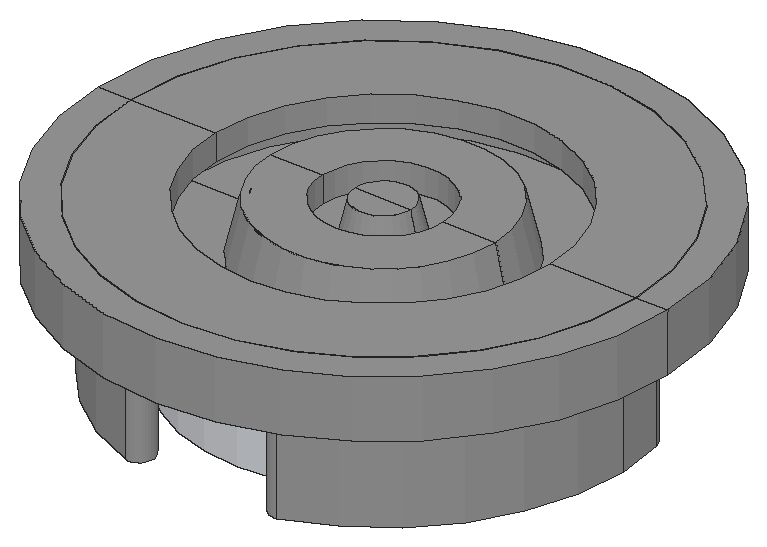
Revit family "Plumbing Fixture_Galvin_SafeCell_Floor_Drain_SS_303070X_F", category Plumbing Fixtures, host Face, Revit 2019
Family settings
  Host = Face
  Round Connector Dimension = Use Diameter
  Part Type = Normal
  Cut with Voids When Loaded = No
  Shared = No
  Room Calculation Point = No
Parameters (values of type "Type 1")
  Waste Connection = no
  Vent Connection = no
  Variants = ""
  Vandal_Resistant = yes
  URL = "http://www.galvinengineering.com.au"
  Thread = "3\" BSP M"
  Specify_Host = "Face"
  SKU_Code = "303070X"
  Product_Type = "Drain"
  Product_Range = "Safe-Cell"
  PlumbingMaterial_ANZRS = ST/ST
  PlumbingFinish = "Polished"
  Mounting_Surface = "Floor"
  Mounting = "Floor"
  Manufacturer_Phone_No = "1300-514-074"
  Manufacturer_OverallWidth = 0 mm
  Manufacturer_OverallHeight = 0 mm
  Manufacturer_OverallDepth = 0 mm
  Manufacturer = "Galvin Engineering"
  Instructions = "https://www.galvinengineering.com.au/assets/product_documents/data_sheets/303070X%20Datasheet.pdf"
  HW Connection = no
  FlowRate = ""
  FilterObject_ANZRS = ""
  Description = "POLISHED STAINLESS STEEL SAFE-CELL (CRR) PRISON FLOOR DRAIN ASS RND 100X80BSP"
  Default Elevation = 0 mm
  CategoryStyleOrType_ANZRS = "Plumbing Fixture"
  CW Connection = no
  Application = "Commercial"
  Anti_Ligature = yes
Reference planes
  plane 1 "Center (Front/Back)": y = 0
  plane 2: z = 0
  plane 3 "Center (Left/Right)": x = 0
Forms (mm)
  Revolve 1, void
    sketch origin (0, 0, 0) x (1, 0, 0) y (0, 0, 1)
      loop
        line (0, 0) -> (-44.5, 0) -> (-44.5, -9) -> (-37.5, -9) -> (-37.5, -25) -> (0, -25) -> (0, 0)
      axis (0, -25) -> (0, 0)
    angle from 0 to 360
Text (mm)
  text "NOTE: \n\nDelete unused subcategory " at (136.98, -103.393, 0), in view "Ref. Level"
Dimensions and locks
  aligned and locked: plane 2 to host face
  aligned and locked: level to host face
  aligned and locked: plane 3 "Center (Left/Right)" to nested 1
  aligned and locked: plane 1 "Center (Front/Back)" to nested 1
Nested families
  nested 1: "X_GALVIN_SAFECELL_FLOOR_DRAIN" at (0, 0, 0), type "Type 1"
Definition of nested family "X_GALVIN_SAFECELL_FLOOR_DRAIN"
  Parameters (values of type "Type 1")
    URL = ""
    PlumbingMaterial_ANZRS = none
    Manufacturer = ""
    Description = ""
  Reference planes
    plane 1 "Center (Front/Back)": y = 0
    plane 2: z = 0
    plane 3 "Center (Left/Right)": x = 0
    plane 4: z = -40
    plane 5: x = 50
    plane 6: z = -9
    plane 7: x = -44.5
    plane 8: x = -33
    plane 9: x = -37.5
    plane 10: through (0, 0, 4000) normal (-0.5, -0.866, 0)
  Forms (mm)
    Revolve 1, solid, material <- "PlumbingMaterial_ANZRS"
      sketch origin (0, 0, 0) x (1, 0, 0) y (0, 0, 1)
        loop
          line (-39.5, 0) -> (-44.5, 0) -> (-44.5, -9) -> (-37.5, -9) -> (-37.5, -25) -> (-34.5, -25) -> (-33, -23.5) -> (-33, -9) -> (-31.5, -9) -> (-31.5, -6) -> (-39.5, -6) -> (-39.5, 0)
        axis (0, -25) -> (0, 0)
      angle from 0 to 360
    Revolve 2, solid, material <- "PlumbingMaterial_ANZRS"
      sketch origin (0, 0, 0) x (1, 0, 0) y (0, 0, 1)
        loop
          line (-39.5, 0) -> (-39.5, -6) -> (-31.5, -6) -> (-31.5, -9) -> (0, -9) -> (0, 0) -> (-4.364, 0) -> (-6.337, -8) -> (-18.442, -8) -> (-16.717, -1) -> (-10.4, -1) -> (-10.4, -4) -> (-9.4, -4) -> (-9.4, 0) -> (-17.5, 0) -> (-19.472, -8) -> (-30.5, -8) -> (-30.5, -5) -> (-38.5, -5) -> (-38.5, -1) -> (-27.112, -1) -> (-27.112, -4) -> (-26.112, -4) -> (-26.112, 0) -> (-39.5, 0)
        axis (0, 0) -> (0, -9)
      angle from 0 to 360
    Revolve 3, solid
      sketch origin (0, 0, 0) x (1, 0, 0) y (0, 0, 1)
        loop
          line (-8.038, -9) -> (-12.98, -9) -> (-12.98, -25) -> (-8.94, -25) -> (-8.038, -24.097) -> (-8.038, -9)
        loop
          line (-17.5, -9) -> (-28.5, -9) -> (-28.5, -25) -> (-17.5, -25) -> (-17.5, -9)
        axis (0, -25) -> (0, -9)
      angle from 0 to 360
    Extrusion 4, solid
      sketch origin (0, 0, 0) x (1, 0, 0) y (0, 1, 0)
        loop
          line (-6, 33.974) -> (-6, 29.432)
          arc (-6, 29.432) -> (-6.32, 28.334) -> (-7.181, 27.581) r 2.042
          arc (-7.181, 27.581) -> (0, 28.5) -> (7.181, 27.581) r 28.5
          arc (7.181, 27.581) -> (6.32, 28.334) -> (6, 29.432) r 2.042
          line (6, 29.432) -> (6, 33.974)
          arc (6, 33.974) -> (0, 34.5) -> (-6, 33.974) r 34.5
        loop
          arc (26.423, -22.183) -> (29.878, -17.25) -> (32.423, -11.791) r 34.5
          line (32.423, -11.791) -> (28.489, -9.52)
          arc (28.489, -9.52) -> (27.698, -8.693) -> (27.476, -7.571) r 2.042
          arc (27.476, -7.571) -> (24.682, -14.25) -> (20.295, -20.009) r 28.5
          arc (20.295, -20.009) -> (21.378, -19.641) -> (22.489, -19.912) r 2.042
          line (22.489, -19.912) -> (26.423, -22.183)
        loop
          line (-26.423, -22.183) -> (-22.489, -19.912)
          arc (-22.489, -19.912) -> (-21.378, -19.641) -> (-20.295, -20.009) r 2.042
          arc (-20.295, -20.009) -> (-24.682, -14.25) -> (-27.476, -7.571) r 28.5
          arc (-27.476, -7.571) -> (-27.698, -8.693) -> (-28.489, -9.52) r 2.042
          line (-28.489, -9.52) -> (-32.423, -11.791)
          arc (-32.423, -11.791) -> (-29.878, -17.25) -> (-26.423, -22.183) r 34.5
        loop
          line (12.754, 11.982) -> (9.906, 10.338)
          arc (9.906, 10.338) -> (8.794, 10.073) -> (7.718, 10.461) r 2
          arc (7.718, 10.461) -> (11.258, 6.5) -> (12.918, 1.454) r 13
          arc (12.918, 1.454) -> (13.121, 2.579) -> (13.906, 3.41) r 2
          line (13.906, 3.41) -> (16.754, 5.054)
          arc (16.754, 5.054) -> (15.155, 8.75) -> (12.754, 11.982) r 17.5
        loop
          arc (-12.754, 11.982) -> (-15.155, 8.75) -> (-16.754, 5.054) r 17.5
          line (-16.754, 5.054) -> (-13.906, 3.41)
          arc (-13.906, 3.41) -> (-13.121, 2.579) -> (-12.918, 1.454) r 2
          arc (-12.918, 1.454) -> (-11.258, 6.5) -> (-7.718, 10.461) r 13
          arc (-7.718, 10.461) -> (-8.794, 10.073) -> (-9.906, 10.338) r 2
          line (-9.906, 10.338) -> (-12.754, 11.982)
        loop
          arc (-4, -17.037) -> (0, -17.5) -> (4, -17.037) r 17.5
          line (4, -17.037) -> (4, -13.748)
          arc (4, -13.748) -> (4.327, -12.652) -> (5.2, -11.915) r 2
          arc (5.2, -11.915) -> (0, -13) -> (-5.2, -11.915) r 13
          arc (-5.2, -11.915) -> (-4.327, -12.652) -> (-4, -13.748) r 2
          line (-4, -13.748) -> (-4, -17.037)
      from -25 to -9
    Extrusion 5, void
      sketch origin (0, 0, 0) x (1, 0, 0) y (0, 1, 0)
        loop
          arc (-21.728, 24.837) -> (-24.81, 24.935) -> (-24.927, 28.016) r 2.26
          arc (-24.927, 28.016) -> (-32.476, 18.75) -> (-36.726, 7.579) r 37.5
          arc (-36.726, 7.579) -> (-33.999, 9.018) -> (-32.374, 6.398) r 2.26
          arc (-32.374, 6.398) -> (-28.579, 16.5) -> (-21.728, 24.837) r 33
        loop
          arc (21.728, 24.837) -> (28.579, 16.5) -> (32.374, 6.398) r 33
          arc (32.374, 6.398) -> (33.999, 9.018) -> (36.726, 7.579) r 2.26
          arc (36.726, 7.579) -> (32.476, 18.75) -> (24.927, 28.016) r 37.5
          arc (24.927, 28.016) -> (24.81, 24.935) -> (21.728, 24.837) r 2.26
        loop
          arc (-10.646, -31.236) -> (-9.19, -33.953) -> (-11.799, -35.595) r 2.26
          arc (-11.799, -35.595) -> (0, -37.5) -> (11.799, -35.595) r 37.5
          arc (11.799, -35.595) -> (9.19, -33.953) -> (10.646, -31.236) r 2.26
          arc (10.646, -31.236) -> (0, -33) -> (-10.646, -31.236) r 33
      from -25 to -9
  Cuts and joins
    Extrusion 5 cuts Revolve 2
    Extrusion 5 cuts Revolve 1
  Dimensions and locks
    aligned and locked: level to plane 2
    aligned and locked: Revolve 1 sketch curve to plane 6
    aligned and locked: plane 3 "Center (Left/Right)" to Revolve 1 sketch curve
    aligned and locked: Revolve 2 sketch curve to plane 3 "Center (Left/Right)"
